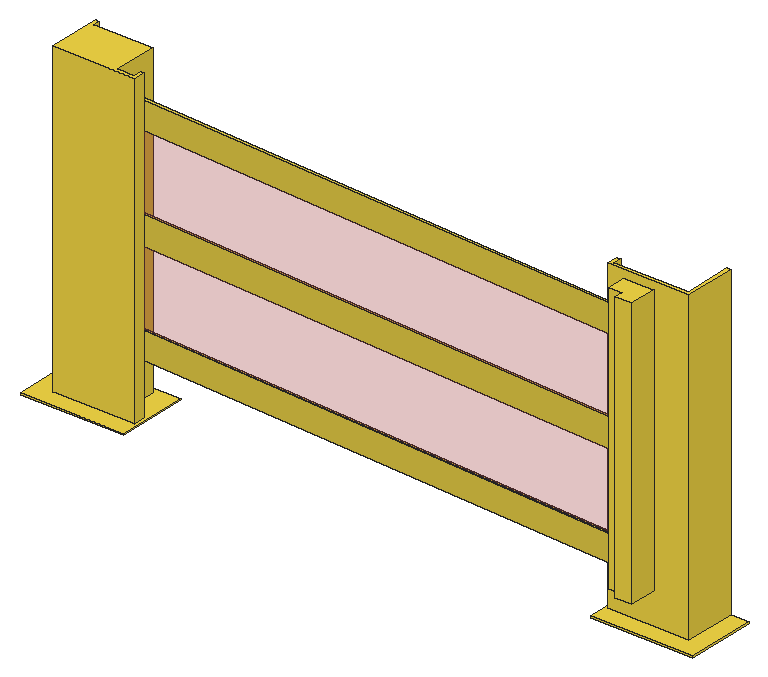
Revit family "Safety & Protection_Barrier_UltiGroup_Dok Guardian", category Specialty Equipment, host Face, Revit 2016
Family settings
  Host = Face
  Part Type = Normal
  Round Connector Dimension = Use Diameter
  OmniClass Number = 23.50.70.00
  OmniClass Title = Loading Dock Equipment
  Cut with Voids When Loaded = No
  Shared = No
  Room Calculation Point = No
Parameters (values of type "Light Duty")
  Warranty Duration (Years) = 0
  URL = ""
  Toll Free Phone = "0800 807 753"
  StyleOrType_ANZRS = ""
  Strap Material [instance] = Metal - Safety Yellow
  Send Message = "http://ultigroup.co.nz/contact-ulti-group/"
  Phone = "07 974 4691"
  ModifiedIssue_ANZRS = 0
  Mesh Material [instance] = Plastic - Red Mesh
  Left Guard Width = 406.4 mm
  Left Guard Depth = 279.4 mm
  Right Guard Width = 400.05 mm
  Right Guard Depth = 273.05 mm
  Model = "Dok-Guardian LD Safety Barrier"
  Maximum Clear Opening Width = 5003.8 mm
  Manufacturer = "UltiGroup"
  Maintenance Schedule (Months) = 0
  LD = yes
  Keynote = ""
  InstallationGroup_ANZRS = 0
  Installation Phase = ""
  HD = no
  Fixture Material [instance] = Plastic -  Safety Yellow
  FireRating_ANZRS = ""
  FilterObject_ANZRS = ""
  Fax = "17 McKee Street, Te Rapa, Hamilton, 3200, New Zealand"
  Expected Lifespan (Years) = 0
  Description = "Loading Dock Safety Barrier - Dok-Guardian LD Safety Barrier as Specified"
  Default Elevation = 0 mm  # constant formula
  CreatedBy_ANZRS = "UltiGroup"
  CreatedByURL_ANZRS = "www.ultigroup.co.nz"
  CreatedByPhoneNo_ANZRS = "07 974 4691"
  Clear Opening Width [instance] = 1828.8 mm
  Capacity = "454 kilograms at 4 MPH"
  Assembly Code = ""
  Address = "07 846 2467"
  AcousticRating_ANZRS = ""
Types (2, lengths in mm): name | URL | Strap Material | Left Guard Depth | Right Guard Width | Right Guard Depth | Model | LD | HD | Fixture Material | Description | Clear Opening Width | Capacity
  Light Duty | "" | Metal - Safety Yellow | 279.4 | 400.05 | 273.05 | "Dok-Guardian LD Safety Barrier" | yes | no | Plastic -  Safety Yellow | "Loading Dock Safety Barrier - Dok-Guardian LD Safety Barrier as Specified" | 1828.8 | "454 kilograms at 4 MPH"
  Heavy Duty | "www.ultigroup.co.nz" | Plastic -  Safety Yellow | 393.7 | 406.4 | 342.9 | "Dok-Guardian Safety Barrier" | no | yes | Metal - Safety Yellow | "Loading Dock Safety Barrier - Dok-Guardian Safety Barrier as Specified" | 2000 | "4540 kilograms at 4 MPH"
Reference planes
  plane 1 "Center (Front/Back)": y = 473.535
  plane 2: z = 0
  plane 3 "Center (Left/Right)": x = 0
  plane 4: x = -914.4
  plane 5: x = 914.4
  plane 6: x = -1320.8
  plane 7: x = 1314.45
  plane 8: y = 613.235
  plane 9: y = 333.835
  plane 10: y = 610.06
  plane 11: y = 337.01
  plane 12: z = 1219.2
  plane 13: z = 1117.6
Forms (mm)
  Extrusion 1, solid, material "Plastic -  Safety Yellow" <- "Fixture Material", visible <- "HD"
    sketch origin (0, 0, 0) x (1, 0, 0) y (0, 1, 0)
      loop
        line (-1320.8, 613.235) -> (-1320.8, 333.835) -> (-914.4, 333.835) -> (-914.4, 613.235) -> (-1320.8, 613.235)
      loop
        line (914.4, 610.06) -> (914.4, 337.01) -> (1314.45, 337.01) -> (1314.45, 610.06) -> (914.4, 610.06)
    from 0 to 15.875
  Extrusion 2, solid, material "Plastic -  Safety Yellow" <- "Fixture Material", visible <- "HD"
    sketch origin (0, 0, 0) x (1, 0, 0) y (0, 1, 0)
      loop
        line (-920.75, 543.385) -> (-1314.45, 543.385) -> (-1314.45, 403.685) -> (-920.75, 403.685) -> (-920.75, 543.385)
      loop
        line (1308.1, 540.21) -> (920.75, 540.21) -> (920.75, 406.86) -> (1308.1, 406.86) -> (1308.1, 540.21)
    from 0 to 1219.2
  Extrusion 3, solid, material "Plastic -  Safety Yellow" <- "Fixture Material"
    sketch origin (0, 0, 0) x (1, 0, 0) y (0, 1, 0)
      loop
        line (990.6, 406.86) -> (990.6, 330.66) -> (1041.4, 330.66) -> (1041.4, 298.91) -> (1104.9, 298.91) -> (1104.9, 406.86) -> (990.6, 406.86)
    from 130.197 to 1188.464
  Extrusion 4, solid, material "Metal - Safety Yellow" <- "Strap Material"
    sketch origin (0, 0, 0) x (1, 0, 0) y (0, 1, 0)
      loop
        line (-1003.3, 457.874) -> (990.6, 353.775) -> (990.6, 366.475) -> (-1003.3, 470.574) -> (-1003.3, 457.874)
    from 1010.881 to 1117.6
  Extrusion 5, solid, material "Metal - Safety Yellow" <- "Strap Material"
    sketch origin (0, 0, 0) x (1, 0, 0) y (0, 1, 0)
      loop
        line (-1003.3, 457.874) -> (990.6, 353.775) -> (990.6, 366.475) -> (-1003.3, 470.574) -> (-1003.3, 457.874)
    from 203.2 to 307.601
  Extrusion 6, solid, material "Metal - Safety Yellow" <- "Strap Material"
    sketch origin (0, 0, 0) x (1, 0, 0) y (0, 1, 0)
      loop
        line (-1003.3, 457.874) -> (990.6, 353.775) -> (990.6, 366.475) -> (-1003.3, 470.574) -> (-1003.3, 457.874)
    from 605.386 to 716.264
  Extrusion 7, solid, material "Plastic -  Safety Yellow" <- "Fixture Material", visible <- "LD"
    sketch origin (0, 0, 0) x (1, 0, 0) y (0, 1, 0)
      loop
        line (927.1, 451.31) -> (927.1, 406.86) -> (1244.6, 406.86) -> (1244.6, 610.06) -> (1231.9, 610.06) -> (1231.9, 419.56) -> (939.8, 419.56) -> (939.8, 451.31) -> (927.1, 451.31)
      loop
        line (-927.1, 448.135) -> (-939.8, 448.135) -> (-939.8, 416.385) -> (-1003.3, 416.385) -> (-1003.3, 587.835) -> (-1235.075, 587.835) -> (-1235.075, 613.235) -> (-1247.775, 613.235) -> (-1247.775, 403.685) -> (-927.1, 403.685) -> (-927.1, 448.135)
    from 0 to 1219.2
  Extrusion 8, solid, material "Plastic -  Safety Yellow" <- "Fixture Material", visible <- "LD"
    sketch origin (0, 0, 0) x (1, 0, 0) y (0, 1, 0)
      loop
        line (-1320.8, 613.235) -> (-1320.8, 333.835) -> (-914.4, 333.835) -> (-914.4, 613.235) -> (-1320.8, 613.235)
      loop
        line (914.4, 610.06) -> (914.4, 337.01) -> (1314.45, 337.01) -> (1314.45, 610.06) -> (914.4, 610.06)
    from 0 to 6.35
  Extrusion 9, solid, material "Plastic - Red Mesh" <- "Mesh Material"
    sketch origin (0, 0, 0) x (1, 0, 0) y (0, 1, 0)
      loop
        line (990.6, 363.297) -> (-1003.43, 467.402) -> (-1003.43, 461.057) -> (990.6, 356.953) -> (990.6, 363.297)
    from 307.601 to 1010.881
Cuts and joins
  joined: Extrusion 1, Extrusion 2
  joined: Extrusion 7, Extrusion 8
Dimensions and locks
  equal spacing: plane 4, plane 3 "Center (Left/Right)", plane 5
  "Clear Opening Width": plane 4 to plane 5
  "Left Guard Width": plane 6 to plane 4
  "Right Guard Width": plane 5 to plane 7
  equal spacing: plane 10, plane 1 "Center (Front/Back)", plane 11
  equal spacing: plane 8, plane 1 "Center (Front/Back)", plane 9
  "Right Guard Depth": plane 10 to plane 11
  "Left Guard Depth": plane 8 to plane 9
  locked: plane 12 to level at 1219.2
  locked: plane 12 to plane 13 at 101.6
  locked: plane 6 to Extrusion 2 sketch curve at 6.35
  locked: Extrusion 2 sketch curve to plane 4 at 6.35
  locked: plane 8 to Extrusion 2 sketch curve at 69.85
  locked: Extrusion 2 sketch curve to plane 9 at 69.85
  locked: plane 10 to Extrusion 2 sketch curve at 69.85
  locked: Extrusion 2 sketch curve to plane 11 at 69.85
  locked: Extrusion 2 sketch curve to plane 7 at 6.35
  locked: plane 5 to Extrusion 2 sketch curve at 6.35
  plane 5 to Extrusion 3 sketch curve to Extrusion 3 sketch curve to Extrusion 3 sketch curve = 76.2 mm locked, 50.8 mm locked, 63.5 mm locked
  Extrusion 3 sketch curve to plane 11 to Extrusion 3 sketch curve to Extrusion 3 sketch curve = 69.85 mm locked, 6.35 mm locked, 31.75 mm locked
  Extrusion 4 sketch curve to Extrusion 4 sketch curve to plane 9 = 12.7 mm locked, 124.04 mm locked
  Extrusion 4 sketch curve to Extrusion 4 sketch curve to plane 11 = 12.7 mm locked, 16.765 mm locked
  locked: plane 5 to Extrusion 4 sketch curve at 76.2
  locked: Extrusion 4 sketch curve to plane 4 at 88.9
  locked: Extrusion 5 sketch curve to Extrusion 5 sketch curve at 12.7  (x2)
  locked: Extrusion 6 sketch curve to Extrusion 6 sketch curve at 12.7  (x2)
  locked: Extrusion 6 sketch curve to plane 9 at 124.04
  locked: Extrusion 6 sketch curve to plane 11 at 16.765
  locked: plane 5 to Extrusion 6 sketch curve at 76.2
  locked: Extrusion 6 sketch curve to plane 4 at 88.9
  locked: Extrusion 5 sketch curve to plane 9 at 124.04
  locked: Extrusion 5 sketch curve to plane 11 at 16.765
  locked: plane 5 to Extrusion 5 sketch curve at 76.2
  locked: Extrusion 5 sketch curve to plane 4 at 88.9
  plane 5 to Extrusion 7 sketch curve to Extrusion 7 sketch curve = 12.7 mm locked, 12.7 mm locked
  Extrusion 7 sketch curve to Extrusion 7 sketch curve to plane 11 = 12.7 mm locked, 69.85 mm locked
  Extrusion 7 sketch curve to Extrusion 7 sketch curve to plane 7 = 12.7 mm locked, 69.85 mm locked
  locked: Extrusion 7 sketch curve to Extrusion 7 sketch curve at 12.7
  locked: Extrusion 7 sketch curve to plane 4 at 12.7
  Extrusion 7 sketch curve to Extrusion 7 sketch curve to plane 9 = 12.7 mm locked, 69.85 mm locked
  plane 6 to Extrusion 7 sketch curve to Extrusion 7 sketch curve = 73.025 mm locked, 12.7 mm locked
  locked: plane 8 to Extrusion 7 sketch curve at 25.4
  locked: Extrusion 7 sketch curve to plane 4 at 88.9
  Extrusion 9 sketch curve to Extrusion 9 sketch curve to plane 11 = 6.345 mm locked, 19.943 mm locked
  locked: plane 5 to Extrusion 9 sketch curve at 76.2
  locked: Extrusion 9 sketch curve to plane 4 at 89.03
  Extrusion 9 sketch curve to Extrusion 9 sketch curve to plane 9 = 6.345 mm locked, 127.223 mm locked
  aligned and locked: plane 2 to host face
  aligned and locked: level to host face
  aligned and locked: Extrusion 1 sketch curve to plane 8
  aligned and locked: plane 6 to Extrusion 1 sketch curve
  aligned and locked: plane 9 to Extrusion 1 sketch curve
  aligned and locked: Extrusion 1 sketch curve to plane 4
  aligned and locked: plane 10 to Extrusion 1 sketch curve
  aligned and locked: plane 5 to Extrusion 1 sketch curve
  aligned and locked: Extrusion 1 sketch curve to plane 11
  aligned and locked: Extrusion 1 sketch curve to plane 7
  aligned and locked: Extrusion 2 to plane 12
  aligned and locked: Extrusion 7 sketch curve to plane 10
  aligned and locked: Extrusion 7 sketch curve to plane 8
  aligned and locked: Extrusion 7 to plane 12
  aligned and locked: plane 10 to Extrusion 8 sketch curve
  aligned and locked: Extrusion 8 sketch curve to plane 11
  aligned and locked: plane 5 to Extrusion 8 sketch curve
  aligned and locked: Extrusion 8 sketch curve to plane 7
  aligned and locked: plane 9 to Extrusion 8 sketch curve
  aligned and locked: Extrusion 8 sketch curve to plane 8
  aligned and locked: Extrusion 8 sketch curve to plane 4
  aligned and locked: plane 6 to Extrusion 8 sketch curve
Automatic sketch dimensions
  host sketch curve to host sketch curve = 2895.838 mm
  host sketch curve to host sketch curve = 1910.598 mm
  Extrusion 7 sketch curve to Extrusion 7 sketch curve = 31.75 mm  (x2)
